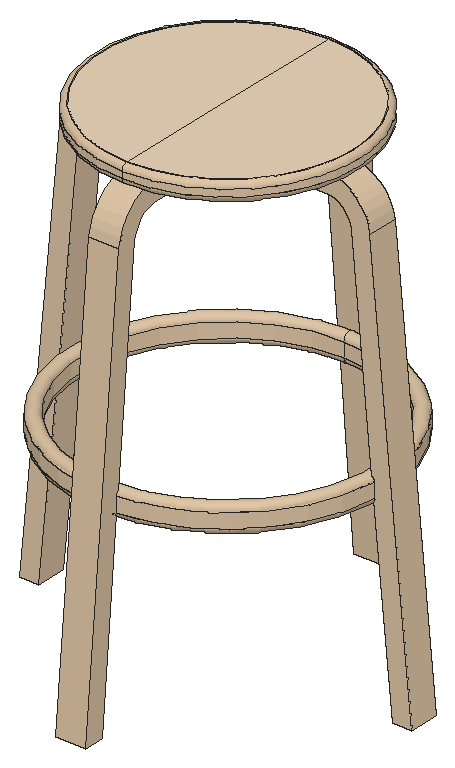
Revit family "Artek_Bar Stools_Bar Stool 64_Bar Stool 64_quick_ship", category Furniture, Revit 2018
Family settings
  OmniClass Number = 23.40.20.14.14.11
  OmniClass Title = Chairs
  Work Plane-Based = No
  Always vertical = Yes
  Cut with Voids When Loaded = No
  Shared = No
  Room Calculation Point = No
Parameters (values of type "Bar Stool 64 650 mm Natural Lacquered / Birch Veneer")
  WarrantyStartDate [instance] = "n/a"
  WarrantyGuarantorParts = "n/a"
  WarrantyGuarantorLabor = "n/a"
  WarrantyDurationUnit = "n/a"
  WarrantyDurationParts = "n/a"
  WarrantyDurationLabor = "n/a"
  WarrantyDescription = "n/a"
  VersionDate = "03/11/2020"  # constant formula
  Version = "1"  # constant formula
  Uniclass2015Reference = "Pr_40_50_51_31"
  Uniclass2015Description = "Bar Stools"
  Uniclass2 = "Pr_40_50_12_83"
  URL = "https://www.artek.fi/en/products/bar-stool-64"
  Type Comments = ""
  TagNumber [instance] = "n/a"
  SustainabilityPerformance = "n/a"
  Style = "n/a"
  StoolType = stool 64 650 mm : stool 64 650 mm
  Size = "520x520x650 mm"
  Shape = "Sculptured"
  SerialNumber [instance] = "n/a"
  SeatingHeight = 650 mm
  SeatMaterial = Birch Veneer
  SeatBandMaterial = Natural Lacquered
  Revision = "n/a"
  ReplacementCost = "n/a"
  ProductInformation = "The popular Bar Stool 64 is eternally contemporary, in its element in kitchens, cafes, bars, and at countertops. Symmetrical and non-directional, Bar Stool 64 is always positioned the right way. Well-proportioned and featuring a sturdy birch foot ring, Bar Stool 64 is created according to Aalto’s original system of standard components. Available in a wide variety of colours and finishes."
  NominalLength = 520 mm
  NominalHeight = 650 mm
  NominalDepth = 520 mm
  Name = "Artek_Bar Stool 64"
  NBSReference = "45-35-20/365"
  NBSDescription = "Bar Stools"
  ModelReference = "n/a"
  ModelNumber = "28001451"
  Material = "Wood"
  ManufacturerURL = "https://www.artek.fi/en/"
  ManufacturerName = "Artek"
  Model = "Bar Stool 64 650 mm Natural Lacquered / Birch Veneer"
  Manufacturer = ""
  MainColor = "Various"
  LegsMaterial = Natural Lacquered
  InstallationDate [instance] = "n/a"
  IfcExportType = "CHAIR"  # constant formula
  IfcExportAs = "IfcFurnishingElementType"  # constant formula
  Grade = "n/a"
  Finish = "Legs and seat edge-band:\r\nSolid birch\r\nSeat core versions:\r\nSolid birch, Birch plywood\r\nSeat surface versions:\r\nBirch veneer, High-pressure laminate, Linoleum, Fabric upholstery and PU foam padding, Leather upholstery and PU foam padding, Leather upholstery\r\nFoot ring:\r\nForm-pressed solid birch lamella"
  Features = "n/a"
  ExpectedLife = "n/a"
  DurationUnit = "n/a"
  Designer = "Alvar Aalto"
  Description = "The popular Bar Stool 64 is eternally contemporary, in its element in kitchens, cafes, bars, and at countertops. Symmetrical and non-directional, Bar Stool 64 is always positioned the right way. Well-proportioned and featuring a sturdy birch foot ring, Bar Stool 64 is created according to Aalto’s original system of standard components. Available in a wide variety of colours and finishes."
  Cost = 0
  ConvergoRefNr = "0190-2009-0003-FI"
  Constituents = "n/a"
  Color = "Various"
  CodePerformance = "n/a"
  Barcode [instance] = "n/a"
  AssetIdentifier [instance] = "n/a"
  Category = "Bar Stools"
  Brand = "Artek"
  BIMObjectName = "Furniture_Stools_Artek_Bar Stool 64"
  Author = "Convergo AB"  # constant formula
  AssetType = "Movable"
  AccessibilityPerformance = "n/a"
Types (11, lengths in mm): name | StoolType | Size | SeatingHeight | SeatMaterial | SeatBandMaterial | NominalLength | NominalHeight | NominalDepth | ModelNumber | Model | LegsMaterial
  (no name) | stool 64 650 mm : stool 64 650 mm | "520x520x650 mm" | 650 | Birch Veneer | Natural Lacquered | 520 | 650 | 520 | "28001451" | "Bar Stool 64 650 mm Natural Lacquered / Birch Veneer" | Natural Lacquered
  Bar Stool 64 650 mm White Lacquered / Black Lacquered | stool 64 650 mm : stool 64 650 mm | "520x520x650 mm" | 650 | Black Lacquered | Black Lacquered | 520 | 650 | 520 | "28001454" | "Bar Stool 64 650 mm White Lacquered / Black Lacquered" | White Lacquered
  Bar Stool 64 650 mm White Lacquered / White Lacquered | stool 64 650 mm : stool 64 650 mm | "520x520x650 mm" | 650 | White Lacquered | White Lacquered | 520 | 650 | 520 | "28001455" | "Bar Stool 64 650 mm White Lacquered / White Lacquered" | White Lacquered
  Bar Stool 64 650 mm Natural Lacquered / Black Linoleum | stool 64 650 mm : stool 64 650 mm | "520x520x650 mm" | 650 | Black Linoleum | Black Linoleum | 520 | 650 | 520 | "28001453" | "Bar Stool 64 650 mm Natural Lacquered / Black Linoleum" | Natural Lacquered
  Bar Stool 64 650 mm Natural Lacquered / IKI white HPL | stool 64 650 mm : stool 64 650 mm | "520x520x650 mm" | 650 | IKI white HPL | Natural Lacquered | 520 | 650 | 520 | "28001452" | "Bar Stool 64 650 mm Natural Lacquered / IKI white HPL" | Natural Lacquered
  Bar Stool 64 650 mm Natural Lacquered / Birch Veneer | stool 64 650 mm : stool 64 650 mm | "520x520x650 mm" | 650 | Birch Veneer | Natural Lacquered | 520 | 650 | 520 | "28001451" | "Bar Stool 64 650 mm Natural Lacquered / Birch Veneer" | Natural Lacquered
  Bar Stool 64 750 mm Natural Lacquered / Birch Veneer | stool 64 750 mm : stool 64 750 mm | "520x520x750 mm" | 750 | Birch Veneer | Natural Lacquered | 545 | 750 | 545 | "28001471" | "Bar Stool 64 750 mm Natural Lacquered / Birch Veneer" | Natural Lacquered
  Bar Stool 64 750 mm Natural Lacquered / Black Linoleum | stool 64 750 mm : stool 64 750 mm | "520x520x750 mm" | 750 | Black Linoleum | Black Linoleum | 545 | 750 | 545 | "28001473" | "Bar Stool 64 750 mm Natural Lacquered / Black Linoleum" | Natural Lacquered
  Bar Stool 64 750 mm Natural Lacquered / IKI white HPL | stool 64 750 mm : stool 64 750 mm | "520x520x750 mm" | 750 | IKI white HPL | Natural Lacquered | 545 | 750 | 545 | "28001472" | "Bar Stool 64 750 mm Natural Lacquered / IKI white HPL" | Natural Lacquered
  Bar Stool 64 750 mm White Lacquered / Black Lacquered | stool 64 750 mm : stool 64 750 mm | "520x520x750 mm" | 750 | Black Lacquered | Black Lacquered | 545 | 750 | 545 | "28001474" | "Bar Stool 64 750 mm White Lacquered / Black Lacquered" | White Lacquered
  Bar Stool 64 750 mm White Lacquered / White Lacquered | stool 64 750 mm : stool 64 750 mm | "520x520x750 mm" | 750 | White Lacquered | White Lacquered | 545 | 750 | 545 | "28001475" | "Bar Stool 64 750 mm White Lacquered / White Lacquered" | White Lacquered
Reference planes
  plane 1 "Center (Front/Back)": y = 0
  plane 2: z = 0
  plane 3 "Center (Left/Right)": x = 0
  plane 4: x = -260
  plane 5: x = 260
  plane 6: y = -260
  plane 7: y = 260
  plane 8: z = 650
  plane 9: z = 650
Dimensions and locks
  equal spacing: plane 7, plane 1 "Center (Front/Back)", plane 6
  equal spacing: plane 4, plane 3 "Center (Left/Right)", plane 5
  "NominalHeight": level to plane 9
  "SeatingHeight": plane 8 to level
  "NominalLength": plane 4 to plane 5
  "NominalDepth": plane 7 to plane 6
  aligned and locked: level to plane 2
Nested families
  nested 1: "stool 64 650 mm" at (0, 0, 0), Material 1 <- "SeatBandMaterial", Material 2 <- "LegsMaterial", Material 3 <- "SeatMaterial", type <- "StoolType", type "stool 64 650 mm"
    with Material 3 Birch Veneer, Material 2 Natural Lacquered, Material 1 Natural Lacquered
Definition of nested family "stool 64 650 mm"
  Parameters (values of type "stool 64 650 mm")
    Material 3 [instance] = none
    Material 2 [instance] = none
    Material 1 [instance] = none
  Reference planes
    plane 1 "Center (Front/Back)": y = 0
    plane 2: z = 0
    plane 3 "Center (Left/Right)": x = 0
    plane 4: y = 260
    plane 5: y = -260
    plane 6: x = -260
    plane 7: x = 260
    plane 8: z = 650
    plane 9: z = 625
    plane 10: y = 175
    plane 11: y = -212.5
    plane 12: x = -20
    plane 13: x = 20
    plane 14: z = 250
  Forms (mm)
    Revolve 1, solid, material <- "Material 1", detail levels medium+fine
      sketch origin (0, 0, 0) x (0, 1, 0) y (0, 0, 1)
        loop
          arc (174.998, 641.988) -> (172.653, 647.65) -> (166.991, 649.995) r 8.008
          line (166.991, 649.995) -> (166.991, 641.988) -> (0, 641.988) -> (0, 624.995) -> (166.991, 624.995)
          arc (166.991, 624.995) -> (172.653, 627.34) -> (174.998, 633.003) r 8.008
          line (174.998, 633.003) -> (174.998, 641.988)
        axis (0, 624.995) -> (0, 649.995)
      angle from 0 to 360
    Extrusion 2, solid, material <- "Material 2", detail levels medium+fine
      sketch origin (12.5, 0, 0) x (-1, 0, 0) y (0, 0, 1)
        loop
          line (85, 625) -> (85, 600) -> (157.984, 600)
          arc (157.984, 600) -> (181.521, 590.904) -> (192.824, 568.345) r 35
          line (192.824, 568.345) -> (247.385, 0) -> (272.5, 0) -> (217.71, 570.734)
          arc (217.71, 570.734) -> (198.333, 609.407) -> (157.984, 625) r 60
          line (157.984, 625) -> (85, 625)
      from -20 to 20
    Extrusion 3, solid, material <- "Material 2", detail levels medium+fine
      sketch origin (-12.5, 0, 0) x (1, 0, 0) y (0, 0, -1)
        loop
          line (85, -625) -> (157.984, -625)
          arc (157.984, -625) -> (198.333, -609.407) -> (217.71, -570.734) r 60
          line (217.71, -570.734) -> (272.5, 0) -> (247.385, 0) -> (192.824, -568.345)
          arc (192.824, -568.345) -> (181.521, -590.904) -> (157.984, -600) r 35
          line (157.984, -600) -> (85, -600) -> (85, -625)
      from -20 to 20
    Revolve 4, solid, material <- "Material 2", detail levels medium+fine
      sketch origin (0, 0, 92.383) x (0, 1, 0) y (0, 0, 1)
        loop
          spline (-193.25, 185.75) -> (-193.557, 187.835) -> (-194.456, 189.777) -> (-195.886, 191.446) -> (-197.75, 192.726) -> (-199.921, 193.531) -> (-202.25, 193.805) -> (-204.579, 193.531) -> (-206.75, 192.726) -> (-208.614, 191.446) -> (-210.044, 189.777) -> (-210.943, 187.835) -> (-211.25, 185.75)
          line (-211.25, 185.75) -> (-211.25, 165.75)
          spline (-211.25, 165.75) -> (-210.943, 163.665) -> (-210.044, 161.722) -> (-208.614, 160.054) -> (-206.75, 158.774) -> (-204.579, 157.969) -> (-202.25, 157.695) -> (-199.921, 157.969) -> (-197.75, 158.774) -> (-195.886, 160.054) -> (-194.456, 161.722) -> (-193.557, 163.665) -> (-193.25, 165.75)
          line (-193.25, 165.75) -> (-193.25, 185.75)
        axis (0, 165.75) -> (0, 185.75)
      angle from 0 to 360
    Extrusion 5, solid, material <- "Material 2", detail levels medium+fine
      sketch origin (0.057, -12.5, 0) x (0, 1, 0) y (0, 0, 1)
        loop
          line (85, 625) -> (85, 600) -> (157.984, 600)
          arc (157.984, 600) -> (181.521, 590.904) -> (192.824, 568.345) r 35
          line (192.824, 568.345) -> (247.385, 0) -> (272.5, 0) -> (217.71, 570.734)
          arc (217.71, 570.734) -> (198.333, 609.407) -> (157.984, 625) r 60
          line (157.984, 625) -> (85, 625)
      from -20.057 to 19.943
    Extrusion 6, solid, material <- "Material 2", detail levels medium+fine
      sketch origin (0.057, 12.5, 0) x (0, -1, 0) y (0, 0, -1)
        loop
          line (85, -625) -> (157.984, -625)
          arc (157.984, -625) -> (198.333, -609.407) -> (217.71, -570.734) r 60
          line (217.71, -570.734) -> (272.5, 0) -> (247.385, 0) -> (192.824, -568.345)
          arc (192.824, -568.345) -> (181.521, -590.904) -> (157.984, -600) r 35
          line (157.984, -600) -> (85, -600) -> (85, -625)
      from -20.057 to 19.943
    Revolve 7, solid, material <- "Material 3", detail levels medium+fine
      sketch origin (0, 0, 0) x (0, 1, 0) y (0, 0, 1)
        loop
          line (166.991, 650) -> (0, 650) -> (0, 641.988) -> (166.991, 641.988) -> (166.991, 650)
        axis (0, 641.988) -> (0, 650)
      angle from 0 to 360
    Extrusion 8, solid, material <- "Material 1", detail levels coarse
      sketch origin (0, 0, 0) x (1, 0, 0) y (0, 1, 0)
        loop
          line (-260, 260) -> (-260, -260) -> (260, -260) -> (260, 260) -> (-260, 260)
      from 0 to 650
  Cuts and joins
    joined: Extrusion 2, Extrusion 3, Revolve 4, Extrusion 5, Extrusion 6
  Lines and regions (mm)
    symbolic lines, detail levels medium+fine
      curve 1: line (0, 0, 650) -> (-167.009, 0, 650)
      curve 2: line (-175.009, 0, 642) -> (-175.009, 0, 633)
      curve 3: arc (-175.009, 0, 642) -> (-172.666, 0, 647.657) -> (-167.009, 0, 650) r 8
      curve 5: arc (-175.009, 0, 633) -> (-172.666, 0, 627.343) -> (-167.009, 0, 625) r 8
      curve 7: arc (-205.21, 0, 570.734) -> (-185.833, 0, 609.407) -> (-145.484, 0, 625) r 60
      curve 10: line (-234.885, 0, 0) -> (-210.885, 0, 250.001)
      curve 11: line (-205.21, 0, 570.734) -> (-260, 0, 0)
      curve 12: line (-260, 0, 0) -> (-234.885, 0, 0)
      curve 14: line (-20, 0, 250.001) -> (-210.885, 0, 250.001)
      curve 15: line (0, 0, 0) -> (-20, 0, 0)
      curve 16: line (-20, 0, 0) -> (-20, 0, 250.001)
      curve 21: line (0, 0, 650) -> (167.009, 0, 650)
      curve 22: line (175.009, 0, 642) -> (175.009, 0, 633)
      curve 23: arc (175.009, 0, 642) -> (172.666, 0, 647.657) -> (167.009, 0, 650) r 8
      curve 25: arc (175.009, 0, 633) -> (172.666, 0, 627.343) -> (167.009, 0, 625) r 8
      curve 27: arc (205.21, 0, 570.734) -> (185.833, 0, 609.407) -> (145.484, 0, 625) r 60
      curve 30: line (234.885, 0, 0) -> (210.885, 0, 250.001)
      curve 31: line (205.21, 0, 570.734) -> (260, 0, 0)
      curve 32: line (260, 0, 0) -> (234.885, 0, 0)
      curve 34: line (20, 0, 250.001) -> (210.885, 0, 250.001)
      curve 35: line (0, 0, 0) -> (20, 0, 0)
      curve 36: line (20, 0, 0) -> (20, 0, 250.001)
      curve 43: line (145.484, 0, 625) -> (167.009, 0, 625)
      curve 44: line (-145.484, 0, 625) -> (-167.009, 0, 625)
      curve 45: line (0, 0, 650) -> (0, -167.042, 650)
      curve 47: line (0, -175.042, 642) -> (0, -175.042, 633)
      curve 48: arc (0, -175.042, 642) -> (0, -172.699, 647.657) -> (0, -167.042, 650) r 8
      curve 49: arc (0, -175.042, 633) -> (0, -172.699, 627.343) -> (0, -167.042, 625) r 8
      curve 52: arc (0, -205.21, 570.734) -> (0, -185.833, 609.407) -> (0, -145.484, 625) r 60
      curve 55: line (0, -260, 0) -> (0, -205.21, 570.734)
      curve 56: line (0, -234.885, 0) -> (0, -260, 0)
      curve 57: line (0, -20, 0) -> (0, -20, 250)
      curve 59: line (0, -20, 250) -> (0, -210.885, 250)
      curve 61: line (0, -210.885, 250) -> (0, -234.885, 0)
      curve 64: line (0, -145.484, 625) -> (0, -167.042, 625)
      curve 67: line (0, -20, 0) -> (0, 0, 0)
      curve 69: line (0, 260, 0) -> (-20, 260, 0)
      curve 70: line (-20, 260, 0) -> (-20, 221.601, 0)
      curve 72: arc (-221.601, 20, 0) -> (-157.332, 157.332, 0) -> (-20, 221.601, 0) r 222.501
      curve 73: line (-260, 0, 0) -> (-260, 20, 0)
      curve 74: line (-260, 20, 0) -> (-221.601, 20, 0)
      curve 82: line (0, 260, 0) -> (20, 260, 0)
      curve 83: line (20, 260, 0) -> (20, 221.601, 0)
      curve 85: arc (221.601, 20, 0) -> (157.332, 157.332, 0) -> (20, 221.601, 0) r 222.501
      curve 86: line (260, 0, 0) -> (260, 20, 0)
      curve 87: line (260, 20, 0) -> (221.601, 20, 0)
      curve 95: line (0, -260, 0) -> (-20, -260, 0)
      curve 96: line (-20, -260, 0) -> (-20, -221.601, 0)
      curve 98: arc (-221.601, -20, 0) -> (-157.332, -157.332, 0) -> (-20, -221.601, 0) r 222.501
      curve 99: line (-260, 0, 0) -> (-260, -20, 0)
      curve 100: line (-260, -20, 0) -> (-221.601, -20, 0)
      curve 108: line (0, -260, 0) -> (20, -260, 0)
      curve 109: line (20, -260, 0) -> (20, -221.601, 0)
      curve 111: arc (221.601, -20, 0) -> (157.332, -157.332, 0) -> (20, -221.601, 0) r 222.501
      curve 112: line (260, 0, 0) -> (260, -20, 0)
      curve 113: line (260, -20, 0) -> (221.601, -20, 0)
      curve 120: line (0, 0, 650) -> (0, 167.042, 650)
      curve 122: line (0, 175.042, 642) -> (0, 175.042, 633)
      curve 123: arc (0, 175.042, 642) -> (0, 172.699, 647.657) -> (0, 167.042, 650) r 8
      curve 124: arc (0, 175.042, 633) -> (0, 172.699, 627.343) -> (0, 167.042, 625) r 8
      curve 127: arc (0, 205.21, 570.734) -> (0, 185.833, 609.407) -> (0, 145.484, 625) r 60
      curve 130: line (0, 260, 0) -> (0, 205.21, 570.734)
      curve 131: line (0, 234.885, 0) -> (0, 260, 0)
      curve 132: line (0, 20, 0) -> (0, 20, 250)
      curve 134: line (0, 20, 250) -> (0, 210.885, 250)
      curve 135: line (0, 210.885, 250) -> (0, 234.885, 0)
      curve 138: line (0, 145.484, 625) -> (0, 167.042, 625)
      curve 141: line (0, 20, 0) -> (0, 0, 0)
    symbolic lines, detail levels fine
      curve 4: line (0, 0, 625) -> (-72.5, 0, 625)
      curve 6: line (-72.5, 0, 625) -> (-72.5, 0, 600)
      curve 8: line (-145.484, 0, 600) -> (-72.5, 0, 600)
      curve 9: arc (-145.484, 0, 600) -> (-169.021, 0, 590.904) -> (-180.324, 0, 568.345) r 35
      curve 13: line (-20, 0, 286.318) -> (-207.399, 0, 286.318)
      curve 17: line (-20, 0, 286.318) -> (-20, 0, 625)
      curve 18: line (-207.399, 0, 286.318) -> (-180.324, 0, 568.345)
      curve 19: line (-210.885, 0, 250.001) -> (-207.399, 0, 286.318)
      curve 20: line (-20, 0, 286.318) -> (-20, 0, 250.001)
      curve 24: line (0, 0, 625) -> (72.5, 0, 625)
      curve 26: line (72.5, 0, 625) -> (72.5, 0, 600)
      curve 28: line (145.484, 0, 600) -> (72.5, 0, 600)
      curve 29: arc (145.484, 0, 600) -> (169.021, 0, 590.904) -> (180.324, 0, 568.345) r 35
      curve 33: line (20, 0, 286.318) -> (207.399, 0, 286.318)
      curve 37: line (20, 0, 286.318) -> (20, 0, 625)
      curve 38: line (207.399, 0, 286.318) -> (180.324, 0, 568.345)
      curve 39: line (210.885, 0, 250.001) -> (207.399, 0, 286.318)
      curve 40: line (20, 0, 286.318) -> (20, 0, 250.001)
      curve 41: line (-72.5, 0, 625) -> (-145.484, 0, 625)
      curve 42: line (72.5, 0, 625) -> (145.484, 0, 625)
      curve 46: line (0, 0, 625) -> (0, -20, 625)
      curve 50: line (0, -72.5, 625) -> (0, -72.5, 600)
      curve 51: line (0, -72.5, 600) -> (0, -145.484, 600)
      curve 53: arc (0, -145.484, 600) -> (0, -169.021, 590.904) -> (0, -180.324, 568.345) r 35
      curve 54: line (0, -180.324, 568.345) -> (0, -207.392, 286.388)
      curve 58: line (0, -20, 286.388) -> (0, -207.392, 286.388)
      curve 60: line (0, -210.885, 250) -> (0, -210.859, 250.275)
      curve 62: line (0, -20, 250) -> (0, -20, 286.388)
      curve 63: line (0, -20, 286.388) -> (0, -20, 625)
      curve 65: line (0, -72.5, 625) -> (0, -145.484, 625)
      curve 66: line (0, -20, 625) -> (0, -72.5, 625)
      curve 68: arc (0, 175, 0) -> (-10.016, 174.713, 0) -> (-20, 173.853, 0) r 175
      curve 71: arc (-205.21, 20, 0) -> (-145.793, 145.793, 0) -> (-20, 205.21, 0) r 206.182
      curve 75: arc (-173.853, 20, 0) -> (-174.713, 10.016, 0) -> (-175, 0, 0) r 175
      curve 76: line (-205.21, 20, 0) -> (-173.853, 20, 0)
      curve 77: line (-221.601, 20, 0) -> (-205.21, 20, 0)
      curve 78: line (-20, 221.601, 0) -> (-20, 205.21, 0)
      curve 79: line (-20, 205.21, 0) -> (-20, 173.853, 0)
      curve 80: arc (-20, 173.853, 0) -> (-123.744, 123.744, 0) -> (-173.853, 20, 0) r 175
      curve 81: arc (0, 175, 0) -> (10.016, 174.713, 0) -> (20, 173.853, 0) r 175
      curve 84: arc (205.21, 20, 0) -> (145.793, 145.793, 0) -> (20, 205.21, 0) r 206.182
      curve 88: arc (173.853, 20, 0) -> (174.713, 10.016, 0) -> (175, 0, 0) r 175
      curve 89: line (205.21, 20, 0) -> (173.853, 20, 0)
      curve 90: line (221.601, 20, 0) -> (205.21, 20, 0)
      curve 91: line (20, 221.601, 0) -> (20, 205.21, 0)
      curve 92: line (20, 205.21, 0) -> (20, 173.853, 0)
      curve 93: arc (20, 173.853, 0) -> (123.744, 123.744, 0) -> (173.853, 20, 0) r 175
      curve 94: arc (0, -175, 0) -> (-10.016, -174.713, 0) -> (-20, -173.853, 0) r 175
      curve 97: arc (-205.21, -20, 0) -> (-145.793, -145.793, 0) -> (-20, -205.21, 0) r 206.182
      curve 101: arc (-173.853, -20, 0) -> (-174.713, -10.016, 0) -> (-175, 0, 0) r 175
      curve 102: line (-205.21, -20, 0) -> (-173.853, -20, 0)
      curve 103: line (-221.601, -20, 0) -> (-205.21, -20, 0)
      curve 104: line (-20, -221.601, 0) -> (-20, -205.21, 0)
      curve 105: line (-20, -205.21, 0) -> (-20, -173.853, 0)
      curve 106: arc (-20, -173.853, 0) -> (-123.744, -123.744, 0) -> (-173.853, -20, 0) r 175
      curve 107: arc (0, -175, 0) -> (10.016, -174.713, 0) -> (20, -173.853, 0) r 175
      curve 110: arc (205.21, -20, 0) -> (145.793, -145.793, 0) -> (20, -205.21, 0) r 206.182
      curve 114: arc (173.853, -20, 0) -> (174.713, -10.016, 0) -> (175, 0, 0) r 175
      curve 115: line (205.21, -20, 0) -> (173.853, -20, 0)
      curve 116: line (221.601, -20, 0) -> (205.21, -20, 0)
      curve 117: line (20, -221.601, 0) -> (20, -205.21, 0)
      curve 118: line (20, -205.21, 0) -> (20, -173.853, 0)
      curve 119: arc (20, -173.853, 0) -> (123.744, -123.744, 0) -> (173.853, -20, 0) r 175
      curve 121: line (0, 0, 625) -> (0, 20, 625)
      curve 125: line (0, 72.5, 625) -> (0, 72.5, 600)
      curve 126: line (0, 72.5, 600) -> (0, 145.484, 600)
      curve 128: arc (0, 145.484, 600) -> (0, 169.021, 590.904) -> (0, 180.324, 568.345) r 35
      curve 129: line (0, 180.324, 568.345) -> (0, 207.392, 286.388)
      curve 133: line (0, 20, 286.388) -> (0, 207.392, 286.388)
      curve 136: line (0, 20, 250) -> (0, 20, 286.388)
      curve 137: line (0, 20, 286.388) -> (0, 20, 625)
      curve 139: line (0, 72.5, 625) -> (0, 145.484, 625)
      curve 140: line (0, 20, 625) -> (0, 72.5, 625)
      curve 142: line (0, -207.392, 286.388) -> (0, -210.885, 250)
      curve 143: line (0, 207.392, 286.388) -> (0, 210.885, 250)
  Dimensions and locks
    equal spacing: plane 4, plane 1 "Center (Front/Back)", plane 5
    plane 1 "Center (Front/Back)" to plane 4 = 260 mm
    equal spacing: plane 6, plane 3 "Center (Left/Right)", plane 7
    plane 6 to plane 7 = 520 mm
    equal spacing: plane 13, plane 3 "Center (Left/Right)", plane 12
    plane 8 to level = 650 mm
    plane 10 to plane 1 "Center (Front/Back)" = 175 mm
    plane 14 to level = 250 mm
    aligned and locked: level to plane 2
  Automatic sketch dimensions
    Extrusion 2 sketch curve to Extrusion 2 sketch curve = 0 mm  (x2)
    Extrusion 2 sketch curve to plane 9 = 0 mm
    Extrusion 2 sketch curve to level = 0 mm
    Extrusion 2 sketch curve to plane 12 = 52.5 mm
    Extrusion 2 sketch curve to plane 9 = 25 mm
    Extrusion 2 sketch curve to Extrusion 2 sketch curve = 72.984 mm
    Extrusion 2 sketch curve to plane 9 = 56.655 mm
    Extrusion 2 sketch curve to Extrusion 2 sketch curve = 34.84 mm
    Extrusion 2 sketch curve to plane 9 = 54.266 mm
    plane 6 to Extrusion 2 sketch curve = 25.115 mm
    plane 6 to Extrusion 2 sketch curve = 0 mm
    Extrusion 3 sketch curve to Extrusion 3 sketch curve = 0 mm  (x2)
    Extrusion 3 sketch curve to plane 9 = 0 mm
    Extrusion 3 sketch curve to level = 0 mm
    plane 7 to Extrusion 3 sketch curve = 0 mm
    plane 7 to Extrusion 3 sketch curve = 25.115 mm
    plane 7 to Extrusion 3 sketch curve = 54.79 mm
    Extrusion 3 sketch curve to Extrusion 3 sketch curve = 24.886 mm
    Extrusion 3 sketch curve to Extrusion 3 sketch curve = 34.84 mm
    Extrusion 3 sketch curve to plane 13 = 52.5 mm
    Extrusion 3 sketch curve to Extrusion 3 sketch curve = 25 mm
    Extrusion 3 sketch curve to plane 9 = 54.266 mm
    Revolve 4 sketch curve to plane 1 "Center (Front/Back)" = 0 mm
    Revolve 4 sketch curve to plane 11 = 19.25 mm
    Revolve 4 sketch curve to plane 11 = 1.25 mm
    level to Revolve 4 sketch curve = 258.133 mm
    Revolve 4 sketch curve to Revolve 4 sketch curve = 20 mm
    Revolve 4 sketch curve to Revolve 4 sketch curve = 28.055 mm
    Revolve 4 sketch curve to Revolve 4 sketch curve = 40 mm
    Extrusion 5 sketch curve to Extrusion 5 sketch curve = 0 mm  (x2)
    Extrusion 5 sketch curve to plane 9 = 0 mm
    Extrusion 5 sketch curve to level = 0 mm
    plane 5 to Extrusion 5 sketch curve = 332.5 mm
    Extrusion 5 sketch curve to plane 11 = 357.984 mm
    Extrusion 5 sketch curve to Extrusion 5 sketch curve = 34.84 mm
    Extrusion 5 sketch curve to Extrusion 5 sketch curve = 24.886 mm
    Extrusion 5 sketch curve to plane 11 = 447.385 mm
    Extrusion 5 sketch curve to Extrusion 5 sketch curve = 25.115 mm
    Extrusion 5 sketch curve to Extrusion 5 sketch curve = 60 mm
    Extrusion 5 sketch curve to Extrusion 5 sketch curve = 2.389 mm
    Extrusion 6 sketch curve to Extrusion 6 sketch curve = 0 mm  (x2)
    Extrusion 6 sketch curve to plane 9 = 0 mm
    Extrusion 6 sketch curve to level = 0 mm
    plane 5 to Extrusion 6 sketch curve = 187.5 mm
    Extrusion 6 sketch curve to plane 9 = 25 mm
    Extrusion 6 sketch curve to Extrusion 6 sketch curve = 72.984 mm
    Extrusion 6 sketch curve to plane 9 = 56.655 mm
    Extrusion 6 sketch curve to Extrusion 6 sketch curve = 34.84 mm
    Extrusion 6 sketch curve to plane 9 = 54.266 mm
    plane 5 to Extrusion 6 sketch curve = 25.115 mm
    Extrusion 6 sketch curve to Extrusion 6 sketch curve = 25.115 mm
    Revolve 7 sketch curve to plane 1 "Center (Front/Back)" = 0 mm  (x2)
    plane 9 to Revolve 7 sketch curve = 16.988 mm
    Revolve 7 sketch curve to plane 8 = 0 mm  (x2)
    Revolve 7 sketch curve to plane 10 = 8.009 mm
    Revolve 7 sketch curve to Revolve 7 sketch curve = 25 mm
    Revolve 1 sketch curve to plane 1 "Center (Front/Back)" = 0 mm  (x2)
    Revolve 1 sketch curve to plane 8 = 0 mm
    Revolve 1 sketch curve to plane 9 = 0.005 mm
    Revolve 1 sketch curve to plane 10 = 8.009 mm
    Revolve 1 sketch curve to plane 10 = 0.002 mm
    plane 8 to Revolve 1 sketch curve = 45 mm
    Revolve 1 sketch curve to Revolve 1 sketch curve = 8.008 mm
    Revolve 1 sketch curve to plane 8 = 0.005 mm
    Revolve 1 sketch curve to Revolve 1 sketch curve = 0 mm
    curve 68 to curve 71 = 0 mm  (x2)
    curve 68 to curve 72 = 0 mm  (x2)
    curve 68 to curve 75 = 0 mm  (x2)
    curve 68 to curve 80 = 0 mm  (x2)
    curve 68 to curve 81 = 0 mm  (x2)
    curve 68 to curve 84 = 0 mm  (x2)
    curve 68 to curve 85 = 0 mm  (x2)
    curve 68 to curve 88 = 0 mm  (x2)
    curve 68 to curve 93 = 0 mm  (x2)
    curve 68 to curve 94 = 0 mm  (x2)
    curve 68 to curve 97 = 0 mm  (x2)
    curve 68 to curve 98 = 0 mm  (x2)
    curve 68 to curve 101 = 0 mm  (x2)
    curve 68 to curve 106 = 0 mm  (x2)
    curve 68 to curve 107 = 0 mm  (x2)
    curve 68 to curve 110 = 0 mm  (x2)
    curve 68 to curve 111 = 0 mm  (x2)
    curve 68 to curve 114 = 0 mm  (x2)
    curve 68 to curve 119 = 0 mm  (x2)
    curve 71 to curve 72 = 0 mm  (x2)
    curve 71 to curve 75 = 0 mm  (x2)
    curve 71 to curve 80 = 0 mm  (x2)
    curve 71 to curve 81 = 0 mm  (x2)
    curve 71 to curve 84 = 0 mm  (x2)
    curve 71 to curve 85 = 0 mm  (x2)
    curve 71 to curve 88 = 0 mm  (x2)
    curve 71 to curve 93 = 0 mm  (x2)
    curve 71 to curve 94 = 0 mm  (x2)
    curve 71 to curve 97 = 0 mm  (x2)
    curve 71 to curve 98 = 0 mm  (x2)
    curve 71 to curve 101 = 0 mm  (x2)
    curve 71 to curve 106 = 0 mm  (x2)
    curve 71 to curve 107 = 0 mm  (x2)
    curve 71 to curve 110 = 0 mm  (x2)
    curve 71 to curve 111 = 0 mm  (x2)
    curve 71 to curve 114 = 0 mm  (x2)
    curve 71 to curve 119 = 0 mm  (x2)
    curve 72 to curve 75 = 0 mm  (x2)
    curve 72 to curve 80 = 0 mm  (x2)
    curve 72 to curve 81 = 0 mm  (x2)
    curve 72 to curve 84 = 0 mm  (x2)
    curve 72 to curve 85 = 0 mm  (x2)
    curve 72 to curve 88 = 0 mm  (x2)
    curve 72 to curve 93 = 0 mm  (x2)
    curve 72 to curve 94 = 0 mm  (x2)
    curve 72 to curve 97 = 0 mm  (x2)
    curve 72 to curve 98 = 0 mm  (x2)
    curve 72 to curve 101 = 0 mm  (x2)
    curve 72 to curve 106 = 0 mm  (x2)
    curve 72 to curve 107 = 0 mm  (x2)
    curve 72 to curve 110 = 0 mm  (x2)
    curve 72 to curve 111 = 0 mm  (x2)
    curve 72 to curve 114 = 0 mm  (x2)
    curve 72 to curve 119 = 0 mm  (x2)
    curve 75 to curve 80 = 0 mm  (x2)
    curve 75 to curve 81 = 0 mm  (x2)
    curve 75 to curve 84 = 0 mm  (x2)
    curve 75 to curve 85 = 0 mm  (x2)
    curve 75 to curve 88 = 0 mm  (x2)
    curve 75 to curve 93 = 0 mm  (x2)
    curve 75 to curve 94 = 0 mm  (x2)
    curve 75 to curve 97 = 0 mm  (x2)
    curve 75 to curve 98 = 0 mm  (x2)
    curve 75 to curve 101 = 0 mm  (x2)
    curve 75 to curve 106 = 0 mm  (x2)
    curve 75 to curve 107 = 0 mm  (x2)
    curve 75 to curve 110 = 0 mm  (x2)
    curve 75 to curve 111 = 0 mm  (x2)
    curve 75 to curve 114 = 0 mm  (x2)
    curve 75 to curve 119 = 0 mm  (x2)
    curve 80 to curve 81 = 0 mm  (x2)
    curve 80 to curve 84 = 0 mm  (x2)
    curve 80 to curve 85 = 0 mm  (x2)
    curve 80 to curve 88 = 0 mm  (x2)
    curve 80 to curve 93 = 0 mm  (x2)
    curve 80 to curve 94 = 0 mm  (x2)
    curve 80 to curve 97 = 0 mm  (x2)
    curve 80 to curve 98 = 0 mm  (x2)
    curve 80 to curve 101 = 0 mm  (x2)
    curve 80 to curve 106 = 0 mm  (x2)
    curve 80 to curve 107 = 0 mm  (x2)
    curve 80 to curve 110 = 0 mm  (x2)
    curve 80 to curve 111 = 0 mm  (x2)
    curve 80 to curve 114 = 0 mm  (x2)
    curve 80 to curve 119 = 0 mm  (x2)
    curve 81 to curve 84 = 0 mm  (x2)
    curve 81 to curve 85 = 0 mm  (x2)
    curve 81 to curve 88 = 0 mm  (x2)
    curve 81 to curve 93 = 0 mm  (x2)
    curve 81 to curve 94 = 0 mm  (x2)
    curve 81 to curve 97 = 0 mm  (x2)
    curve 81 to curve 98 = 0 mm  (x2)
    curve 81 to curve 101 = 0 mm  (x2)
    curve 81 to curve 106 = 0 mm  (x2)
    curve 81 to curve 107 = 0 mm  (x2)
    curve 81 to curve 110 = 0 mm  (x2)
    curve 81 to curve 111 = 0 mm  (x2)
    curve 81 to curve 114 = 0 mm  (x2)
    curve 81 to curve 119 = 0 mm  (x2)
    curve 84 to curve 85 = 0 mm  (x2)
    curve 84 to curve 88 = 0 mm  (x2)
    curve 84 to curve 93 = 0 mm  (x2)
    curve 84 to curve 94 = 0 mm  (x2)
    curve 84 to curve 97 = 0 mm  (x2)
    curve 84 to curve 98 = 0 mm  (x2)
    curve 84 to curve 101 = 0 mm  (x2)
    curve 84 to curve 106 = 0 mm  (x2)
    curve 84 to curve 107 = 0 mm  (x2)
    curve 84 to curve 110 = 0 mm  (x2)
    curve 84 to curve 111 = 0 mm  (x2)
    curve 84 to curve 114 = 0 mm  (x2)
    curve 84 to curve 119 = 0 mm  (x2)
    curve 85 to curve 88 = 0 mm  (x2)
    curve 85 to curve 93 = 0 mm  (x2)
    curve 85 to curve 94 = 0 mm  (x2)
    curve 85 to curve 97 = 0 mm  (x2)
    curve 85 to curve 98 = 0 mm  (x2)
    curve 85 to curve 101 = 0 mm  (x2)
    curve 85 to curve 106 = 0 mm  (x2)
    curve 85 to curve 107 = 0 mm  (x2)
    curve 85 to curve 110 = 0 mm  (x2)
    curve 85 to curve 111 = 0 mm  (x2)
    curve 85 to curve 114 = 0 mm  (x2)
    curve 85 to curve 119 = 0 mm  (x2)
    curve 88 to curve 93 = 0 mm  (x2)
    curve 88 to curve 94 = 0 mm  (x2)
    curve 88 to curve 97 = 0 mm  (x2)
    curve 88 to curve 98 = 0 mm  (x2)
    curve 88 to curve 101 = 0 mm  (x2)
    curve 88 to curve 106 = 0 mm  (x2)
    curve 88 to curve 107 = 0 mm  (x2)
    curve 88 to curve 110 = 0 mm  (x2)
    curve 88 to curve 111 = 0 mm  (x2)
    curve 88 to curve 114 = 0 mm  (x2)
    curve 88 to curve 119 = 0 mm  (x2)
    curve 93 to curve 94 = 0 mm  (x2)
    curve 93 to curve 97 = 0 mm  (x2)
    curve 93 to curve 98 = 0 mm  (x2)
    curve 93 to curve 101 = 0 mm  (x2)
    curve 93 to curve 106 = 0 mm  (x2)
    curve 93 to curve 107 = 0 mm  (x2)
    curve 93 to curve 110 = 0 mm  (x2)
    curve 93 to curve 111 = 0 mm  (x2)
    curve 93 to curve 114 = 0 mm  (x2)
    curve 93 to curve 119 = 0 mm  (x2)
    curve 94 to curve 97 = 0 mm  (x2)
    curve 94 to curve 98 = 0 mm  (x2)
    curve 94 to curve 101 = 0 mm  (x2)
    curve 94 to curve 106 = 0 mm  (x2)
    curve 94 to curve 107 = 0 mm  (x2)
    curve 94 to curve 110 = 0 mm  (x2)
    curve 94 to curve 111 = 0 mm  (x2)
    curve 94 to curve 114 = 0 mm  (x2)
    curve 94 to curve 119 = 0 mm  (x2)
    curve 97 to curve 98 = 0 mm  (x2)
    curve 97 to curve 101 = 0 mm  (x2)
    curve 97 to curve 106 = 0 mm  (x2)
    curve 97 to curve 107 = 0 mm  (x2)
    curve 97 to curve 110 = 0 mm  (x2)
    curve 97 to curve 111 = 0 mm  (x2)
    curve 97 to curve 114 = 0 mm  (x2)
    curve 97 to curve 119 = 0 mm  (x2)
    curve 98 to curve 101 = 0 mm  (x2)
    curve 98 to curve 106 = 0 mm  (x2)
    curve 98 to curve 107 = 0 mm  (x2)
    curve 98 to curve 110 = 0 mm  (x2)
    curve 98 to curve 111 = 0 mm  (x2)
    curve 98 to curve 114 = 0 mm  (x2)
    curve 98 to curve 119 = 0 mm  (x2)
    curve 101 to curve 106 = 0 mm  (x2)
    curve 101 to curve 107 = 0 mm  (x2)
    curve 101 to curve 110 = 0 mm  (x2)
    curve 101 to curve 111 = 0 mm  (x2)
    curve 101 to curve 114 = 0 mm  (x2)
    curve 101 to curve 119 = 0 mm  (x2)
    curve 106 to curve 107 = 0 mm  (x2)
    curve 106 to curve 110 = 0 mm  (x2)
    curve 106 to curve 111 = 0 mm  (x2)
    curve 106 to curve 114 = 0 mm  (x2)
    curve 106 to curve 119 = 0 mm  (x2)
    curve 107 to curve 110 = 0 mm  (x2)
    curve 107 to curve 111 = 0 mm  (x2)
    curve 107 to curve 114 = 0 mm  (x2)
    curve 107 to curve 119 = 0 mm  (x2)
    curve 110 to curve 111 = 0 mm  (x2)
    curve 110 to curve 114 = 0 mm  (x2)
    curve 110 to curve 119 = 0 mm  (x2)
    curve 111 to curve 114 = 0 mm  (x2)
    curve 111 to curve 119 = 0 mm  (x2)
    curve 114 to curve 119 = 0 mm  (x2)
    plane 1 "Center (Front/Back)" to curve 99 = 0 mm
    curve 99 to plane 6 = 0 mm
    plane 1 "Center (Front/Back)" to curve 75 = 0 mm
    curve 79 to plane 12 = 0 mm
    curve 95 to plane 5 = 0 mm
    curve 95 to plane 12 = 0 mm
    curve 88 to plane 3 "Center (Left/Right)" = 0 mm
    curve 108 to plane 3 "Center (Left/Right)" = 0 mm
    curve 82 to plane 3 "Center (Left/Right)" = 0 mm
    curve 83 to plane 13 = 0 mm
    curve 119 to plane 13 = 0 mm
    curve 112 to plane 7 = 0 mm
    plane 1 "Center (Front/Back)" to curve 86 = 0 mm
    curve 68 to plane 10 = 0 mm
    curve 69 to plane 4 = 0 mm
    curve 73 to curve 74 = 38.399 mm
    curve 99 to curve 103 = 38.399 mm
    curve 98 to curve 103 = 16.391 mm
    curve 74 to curve 76 = 16.391 mm
    curve 76 to plane 1 "Center (Front/Back)" = 20 mm
    plane 1 "Center (Front/Back)" to curve 102 = 20 mm
    curve 89 to plane 1 "Center (Front/Back)" = 20 mm
    plane 1 "Center (Front/Back)" to curve 115 = 20 mm
    curve 88 to curve 89 = 31.356 mm
    curve 114 to curve 116 = 31.356 mm
    curve 115 to curve 113 = 16.391 mm
    curve 84 to curve 90 = 16.391 mm
    Extrusion 8 sketch curve to plane 5 = 0 mm
    Extrusion 8 sketch curve to plane 6 = 0 mm
    Extrusion 8 sketch curve to plane 7 = 0 mm
    Extrusion 8 sketch curve to plane 4 = 0 mm
    curve 7 to curve 9 = 0 mm  (x2)
    curve 27 to curve 29 = 0 mm  (x2)
    curve 11 to level = 0 mm
    curve 11 to plane 6 = 0 mm
    curve 3 to plane 8 = 0 mm
    curve 44 to plane 9 = 0 mm
    curve 16 to plane 12 = 0 mm
    curve 15 to level = 0 mm
    curve 15 to plane 3 "Center (Left/Right)" = 0 mm
    curve 4 to plane 3 "Center (Left/Right)" = 0 mm
    curve 21 to plane 3 "Center (Left/Right)" = 0 mm
    plane 13 to curve 35 = 0 mm
    curve 30 to level = 0 mm
    plane 7 to curve 31 = 0 mm
    curve 11 to curve 10 = 25.115 mm
    plane 14 to curve 10 = 0.001 mm
    plane 6 to curve 10 = 49.115 mm
    curve 10 to curve 13 = 3.486 mm
    plane 6 to curve 11 = 54.79 mm
    curve 11 to curve 18 = 24.886 mm
    curve 2 to plane 8 = 8 mm
    curve 18 to curve 2 = 5.315 mm
    curve 5 to curve 44 = 8 mm
    curve 18 to curve 9 = 34.84 mm
    curve 8 to plane 12 = 52.5 mm
    curve 24 to plane 13 = 52.5 mm
    curve 24 to curve 42 = 72.984 mm
    curve 23 to plane 8 = 8 mm
    curve 27 to curve 23 = 21.525 mm
    plane 9 to curve 25 = 8 mm
    curve 27 to curve 38 = 34.84 mm
    curve 29 to curve 31 = 24.886 mm
    plane 7 to curve 39 = 52.601 mm
    plane 14 to curve 30 = 0.001 mm
    curve 33 to curve 30 = 3.486 mm
    curve 30 to curve 31 = 25.115 mm
    curve 14 to curve 20 = 36.318 mm
    curve 34 to curve 37 = 36.318 mm
    curve 27 to curve 42 = 60 mm
    curve 9 to curve 41 = 60 mm
    curve 18 to curve 11 = 2.389 mm
    curve 38 to curve 31 = 2.389 mm
    curve 52 to curve 53 = 0 mm  (x2)
    curve 127 to curve 128 = 0 mm  (x2)
    curve 55 to level = 0 mm
    curve 55 to plane 5 = 0 mm
    curve 142 to plane 14 = 0 mm
    curve 48 to plane 8 = 0 mm
    curve 49 to plane 9 = 0 mm
    curve 67 to level = 0 mm
    curve 120 to plane 1 "Center (Front/Back)" = 0 mm
    curve 141 to plane 1 "Center (Front/Back)" = 0 mm
    curve 121 to plane 1 "Center (Front/Back)" = 0 mm
    curve 134 to plane 14 = 0 mm
    curve 135 to level = 0 mm
    curve 131 to plane 4 = 0 mm
    plane 11 to curve 56 = 22.385 mm
    curve 142 to plane 11 = 1.615 mm
    curve 142 to plane 11 = 5.108 mm
    curve 55 to plane 11 = 7.29 mm
    curve 52 to curve 54 = 24.886 mm
    curve 47 to plane 8 = 8 mm
    curve 47 to plane 11 = 37.458 mm
    curve 47 to curve 49 = 8 mm
    curve 54 to curve 53 = 34.84 mm
    plane 1 "Center (Front/Back)" to curve 65 = 72.5 mm
    plane 1 "Center (Front/Back)" to curve 62 = 20 mm
    curve 46 to curve 121 = 20 mm
    curve 126 to plane 9 = 25 mm
    curve 121 to curve 126 = 52.5 mm
    curve 139 to plane 10 = 29.516 mm
    curve 124 to plane 10 = 7.958 mm
    curve 120 to plane 10 = 7.958 mm
    plane 10 to curve 122 = 0.042 mm
    plane 10 to curve 129 = 5.324 mm
    curve 128 to curve 130 = 24.886 mm
    plane 10 to curve 129 = 32.392 mm
    plane 10 to curve 135 = 35.885 mm
    curve 135 to plane 4 = 25.115 mm
    plane 14 to curve 54 = 36.388 mm
    curve 132 to curve 133 = 36.388 mm
    curve 128 to curve 128 = 35 mm
    curve 53 to curve 64 = 60 mm
    curve 54 to curve 52 = 2.389 mm
    curve 60 to curve 59 = 0 mm
    plane 14 to curve 60 = 0.275 mm
    curve 59 to curve 60 = 0.026 mm
